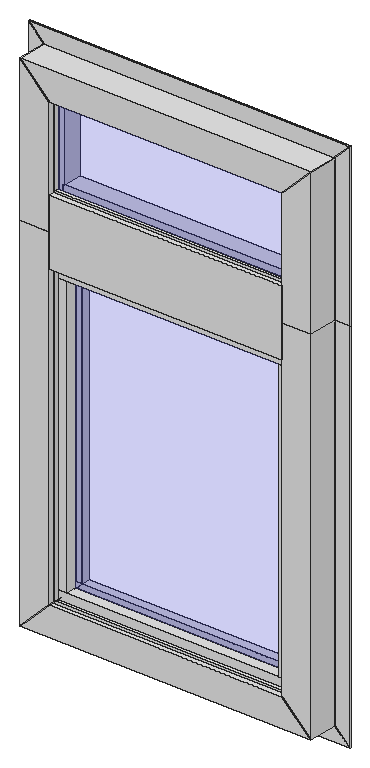
Revit family "511_CA_HR-U_nailfin", category Windows, host Wall, Revit 2016
Family settings
  Host = Wall
  OmniClass Number = 23.30.20.00
  OmniClass Title = Windows
  Always vertical = Yes
  Cut with Voids When Loaded = No
  Shared = No
  Room Calculation Point = No
Parameters (values of type "24x42")
  MLW3 = 1 / 8 * Width  # 3"
  MLW2 = 3.563"
  MLW1 = 3.188"
  MLH = 1 / 2 * Bar set  # 15"
  Interior Color [instance] = White
  Height = 42"
  Exterior Color [instance] = White
  Default Sill Height = 31.49606"
  Wall Closure = By host
  Width = 24"
  Bar set = 30"
Types (33): name | MLW3 | MLH | Interior Color | Height | Exterior Color | Width | Bar set
  (no name) | 3" | 15" | White | 42" | White | 24" | 30"
  24x48 | 3" | 15" | none | 48" | none | 24" | 30"
  36x72 | 4 1/2" | 27" | none | 72" | none | 36" | 54"
  13.5x31.75Min | 1 11/16" | 9 7/8" | none | 31 3/4" | none | 13 1/2" | 19 3/4"
  36x120Max | 4 1/2" | 30" | none | 120" | none | 36" | 60"
  24x36 | 3" | 12" | none | 36" | none | 24" | 24"
  24x42 | 3" | 15" | White | 42" | White | 24" | 30"
  24x54 | 3" | 18" | none | 54" | none | 24" | 36"
  24x60 | 3" | 21" | none | 60" | none | 24" | 42"
  24x66 | 3" | 24" | none | 66" | none | 24" | 48"
  30x36 | 3 3/4" | 12" | none | 36" | none | 30" | 24"
  30x42 | 3 3/4" | 15" | none | 42" | none | 30" | 30"
  30x48 | 3 3/4" | 15" | none | 48" | none | 30" | 30"
  30x54 | 3 3/4" | 18" | none | 54" | none | 30" | 36"
  30x60 | 3 3/4" | 21" | none | 60" | none | 30" | 42"
  30x66 | 3 3/4" | 24" | none | 66" | none | 30" | 48"
  30x72 | 3 3/4" | 27" | none | 72" | none | 30" | 54"
  30x78 | 3 3/4" | 30" | none | 78" | none | 30" | 60"
  30x84 | 3 3/4" | 33" | none | 84" | none | 30" | 66"
  30x90 | 3 3/4" | 36" | none | 90" | none | 30" | 72"
  30x96 | 3 3/4" | 36" | none | 96" | none | 30" | 72"
  30x102 | 3 3/4" | 36" | none | 102" | none | 30" | 72"
  36x48 | 4 1/2" | 18" | none | 48" | none | 36" | 36"
  36x54 | 4 1/2" | 21" | none | 54" | none | 36" | 42"
  36x60 | 4 1/2" | 24" | none | 60" | none | 36" | 48"
  36x66 | 4 1/2" | 24" | none | 66" | none | 36" | 48"
  36x78 | 4 1/2" | 30" | none | 78" | none | 36" | 60"
  36x84 | 4 1/2" | 30" | none | 84" | none | 36" | 60"
  36x90 | 4 1/2" | 30" | none | 90" | none | 36" | 60"
  36x96 | 4 1/2" | 30" | none | 96" | none | 36" | 60"
  36x102 | 4 1/2" | 30" | none | 102" | none | 36" | 60"
  36x108 | 4 1/2" | 30" | none | 108" | none | 36" | 60"
  36x114 | 4 1/2" | 30" | none | 114" | none | 36" | 60"
Reference planes (in)
  plane 1 "Center (Front/Back)": y = 0
  plane 2 "Center (Left/Right)": x = 0
  plane 3 "Left": x = -12
  plane 4 "Right": x = 12
  plane 5 "Sill": z = 31.49606
  plane 6 "Head": z = 73.49606
  plane 7 "Exterior": y = 3.93701
  plane 8 "Interior": y = -3.93701
  plane 9 "Front of wall": y = 3.93701
  plane 10 "Bar set": z = 61.49606
  plane 11: x = -9.938
  plane 12: x = 9.938
  plane 13: x = -9.2505
  plane 14: x = 9.2505
  plane 15: z = 34.24556
  plane 16: z = 58.37256
  plane 17: z = 63.93306
  plane 18: z = 71.43406
  plane 19: x = 8.8125
  plane 20: x = -8.8125
Forms (in)
  Extrusion 1, solid, material "White" <- "Interior Color"
    sketch origin (0, 0, 73.49606) x (0, -1, 0) y (1, 0, 0)
      loop
        line (-4.41495, -9.43465) -> (-4.41495, -11.3479) -> (-5.01201, -11.43181) -> (-5.01201, -12.2) -> (-4.94701, -12.2) -> (-4.94701, -12) -> (-4.01201, -12) -> (-4.01201, -13.25) -> (-3.93701, -13.25) -> (-3.93701, -12) -> (-1.51201, -12) -> (-1.51201, -9.625) -> (-1.88701, -9.625) -> (-1.88701, -9.437) -> (-2.13751, -9.437) -> (-2.13751, -9.938) -> (-2.88201, -9.938) -> (-2.88201, -9.43465) -> (-4.41495, -9.43465)
    from 1.25 to -12
  Extrusion 2, solid, material "White" <- "Interior Color"
    sketch origin (0, 0, 73.49606) x (0, -1, 0) y (1, 0, 0)
      loop
        line (-4.41495, 11.3479) -> (-4.41495, 9.43465) -> (-2.88201, 9.43465) -> (-2.88201, 9.938) -> (-2.13751, 9.938) -> (-2.13751, 9.438) -> (-1.88701, 9.438) -> (-1.88701, 9.625) -> (-1.51201, 9.625) -> (-1.51201, 12) -> (-3.93701, 12) -> (-3.93701, 13.25) -> (-4.01201, 13.25) -> (-4.01201, 12) -> (-4.94701, 12) -> (-4.94701, 12.2) -> (-5.01201, 12.2) -> (-5.01201, 11.43181) -> (-4.41495, 11.3479)
    from 1.25 to -12
  Extrusion 3, solid, material "White" <- "Interior Color"
    sketch origin (0, 0, 31.49606) x (0, -1, 0) y (1, 0, 0)
      loop
        line (-4.66201, -9.3755) -> (-4.66201, -11.38262) -> (-5.01201, -11.43181) -> (-5.01201, -12.2) -> (-4.94701, -12.2) -> (-4.94701, -12) -> (-4.01201, -12) -> (-4.01201, -13.25) -> (-3.93701, -13.25) -> (-3.93701, -12) -> (-1.51201, -12) -> (-1.51201, -9.625) -> (-1.88701, -9.625) -> (-1.88701, -9.437) -> (-2.21201, -9.437) -> (-2.21201, -8.7505) -> (-3.09951, -8.7505) -> (-3.09951, -9.2505) -> (-3.84401, -9.2505) -> (-3.84401, -8.7882) -> (-3.88201, -8.8125) -> (-4.62201, -8.8125) -> (-4.62201, -9.3755) -> (-4.66201, -9.3755)
    from -1.25 to 30
  Extrusion 4, solid, material "White" <- "Interior Color"
    sketch origin (0, 0, 31.49606) x (0, -1, 0) y (1, 0, 0)
      loop
        line (-4.66201, 11.38262) -> (-4.66201, 9.3755) -> (-4.62201, 9.3755) -> (-4.62201, 8.8125) -> (-3.88201, 8.8125) -> (-3.84401, 8.7882) -> (-3.84401, 9.2505) -> (-3.09951, 9.2505) -> (-3.09951, 8.7505) -> (-2.21201, 8.7505) -> (-2.21201, 9.437) -> (-1.88701, 9.437) -> (-1.88701, 9.625) -> (-1.51201, 9.625) -> (-1.51201, 12) -> (-3.93701, 12) -> (-3.93701, 13.25) -> (-4.01201, 13.25) -> (-4.01201, 12) -> (-4.94701, 12) -> (-4.94701, 12.2) -> (-5.01201, 12.2) -> (-5.01201, 11.43181) -> (-4.66201, 11.38262)
    from -1.25 to 30
  Extrusion 5, solid, material "White" <- "Interior Color"
    sketch origin (0, 0, 0) x (0, -1, 0) y (0, 0, 1)
      loop
        line (-1.51201, 33.87106) -> (-1.88701, 33.87106) -> (-1.88701, 34.05906) -> (-2.21201, 34.05906) -> (-2.21201, 34.74556) -> (-3.09951, 34.74556) -> (-3.09951, 34.24556) -> (-3.84401, 34.24556) -> (-3.84401, 34.70789) -> (-3.88197, 34.68366) -> (-4.62201, 34.68366) -> (-4.62201, 34.12056) -> (-4.66201, 34.12056) -> (-4.66201, 32.11344) -> (-5.01201, 32.06425) -> (-5.01201, 31.29606) -> (-4.94701, 31.29606) -> (-4.94701, 31.49606) -> (-4.01201, 31.49606) -> (-4.01201, 30.24606) -> (-3.93701, 30.24606) -> (-3.93701, 31.49606) -> (-1.51201, 31.49606) -> (-1.51201, 33.87106)
    from -13.25 to 13.25
  Extrusion 6, solid, material "White" <- "Interior Color"
    sketch origin (0, 0, 0) x (0, -1, 0) y (0, 0, 1)
      loop
        line (-1.51201, 73.49606) -> (-3.93701, 73.49606) -> (-3.93701, 74.74606) -> (-4.01201, 74.74606) -> (-4.01201, 73.49606) -> (-4.94701, 73.49606) -> (-4.94701, 73.69606) -> (-5.01201, 73.69606) -> (-5.01201, 72.92787) -> (-4.41499, 72.84397) -> (-4.41499, 70.92916) -> (-2.88201, 70.92916) -> (-2.88201, 71.43406) -> (-2.13751, 71.43406) -> (-2.13751, 70.93406) -> (-1.88701, 70.93306) -> (-1.88701, 71.12106) -> (-1.51201, 71.12106) -> (-1.51201, 73.49606)
    from -13.25 to 13.25
  Extrusion 7, solid, material "White" <- "Interior Color"
    sketch origin (0, 0, 0) x (0, -1, 0) y (0, 0, 1)
      loop
        line (-1.51201, 58.74606) -> (-1.51201, 64.24552) -> (-1.88701, 64.24552) -> (-1.88701, 64.43406) -> (-2.13751, 64.43406) -> (-2.13751, 63.93306) -> (-2.88201, 63.93306) -> (-2.88201, 64.43642) -> (-4.41495, 64.43642) -> (-4.41495, 62.52316) -> (-5.01201, 62.43925) -> (-5.01201, 60.55287) -> (-4.66201, 60.50368) -> (-4.66201, 58.49656) -> (-4.62201, 58.49656) -> (-4.62201, 57.93356) -> (-3.88201, 57.93356) -> (-3.84401, 57.90927) -> (-3.84401, 58.37256) -> (-3.09951, 58.37256) -> (-3.09951, 57.87156) -> (-2.21201, 57.87156) -> (-2.21201, 58.55806) -> (-1.88701, 58.55806) -> (-1.88701, 58.74606) -> (-1.51201, 58.74606)
    from -12 to 12
  Sweep 8, void
    path in 3D
      loop
        line (10.58359, 10.31257, 73.49606) -> (10.58359, 3.93701, 73.49606)
    profile origin (10.58359, 7.12479, 73.49606) x (1, 0, 0) y (0, 0, 1)
      loop
        line (2.8495, 1.43309) -> (-2.48569, 1.43309) -> (-2.48569, -2.56691) -> (0.76431, -2.56691) -> (0.76431, -0.65209) -> (2.8495, 1.43309)
  Sweep 9, void
    path in 3D
      loop
        line (10.58359, 10.31257, 73.49606) -> (10.58359, 3.93701, 73.49606)
    profile origin (10.58359, 7.12479, 73.49606) x (1, 0, 0) y (0, 0, 1)
      loop
        line (3.01431, 1.5979) -> (0.76431, -0.6521) -> (0.76431, -2.9021) -> (3.01431, -2.9021) -> (3.01431, 1.5979)
  Sweep 10, void
    path in 3D
      loop
        line (-11.3504, 9.9781, 73.49606) -> (-11.3504, 3.93701, 73.49606)
    profile origin (-11.3504, 6.95756, 73.49606) x (1, 0, 0) y (0, 0, 1)
      loop
        line (-2.22364, 1.57404) -> (0.00249, -0.65209) -> (0.00249, -2.56691) -> (2.901, -2.56691) -> (2.901, 1.57404) -> (-2.22364, 1.57404)
  Sweep 11, void
    path in 3D
      loop
        line (-11.3504, 9.9781, 73.49606) -> (-11.3504, 3.93701, 73.49606)
    profile origin (-11.3504, 6.95756, 73.49606) x (1, 0, 0) y (0, 0, 1)
      loop
        line (-2.2475, 1.5979) -> (-2.2475, -3.02629) -> (0.0025, -3.02629) -> (0.0025, -0.6521) -> (-2.2475, 1.5979)
  Sweep 12, void
    path in 3D
      loop
        line (-10.49435, 9.79467, 61.49606) -> (-10.49435, 3.93701, 61.49606)
    profile origin (-10.49435, 6.86584, 61.49606) x (1, 0, 0) y (0, 0, 1)
      loop
        line (2.3275, -3.5625) -> (2.3275, 2.94035) -> (-0.85355, 2.94035) -> (-0.85355, 1.0271) -> (-0.93747, 0.94319) -> (-0.93747, -0.94319) -> (1.11885, -2.9995) -> (1.11885, -3.5625) -> (2.3275, -3.5625)
  Sweep 13, void
    path in 3D
      loop
        line (-10.49435, 9.79467, 61.49606) -> (-10.49435, 3.93701, 61.49606)
    profile origin (-10.49435, 6.86584, 61.49606) x (1, 0, 0) y (0, 0, 1)
      loop
        line (1.11885, -4.69319) -> (1.11885, -2.9995) -> (-0.93747, -0.94319) -> (-0.93747, 5.55681) -> (-4.68747, 5.55681) -> (-4.68747, -4.69319) -> (1.11885, -4.69319)
  Sweep 14, void
    path in 3D
      loop
        line (11.08359, 10.31257, 61.49606) -> (11.08359, 3.93701, 61.49606)
    profile origin (11.08359, 7.12479, 61.49606) x (1, 0, 0) y (0, 0, 1)
      loop
        line (-2.98569, -3.5625) -> (-1.70809, -3.5625) -> (-1.70809, -2.9995) -> (0.34822, -0.94319) -> (0.34822, 0.94319) -> (0.26431, 1.0271) -> (0.26431, 2.94035) -> (-2.98569, 2.94035) -> (-2.98569, -3.5625)
  Sweep 15, void
    path in 3D
      loop
        line (11.08359, 10.31257, 61.49606) -> (11.08359, 3.93701, 61.49606)
    profile origin (11.08359, 7.12479, 61.49606) x (1, 0, 0) y (0, 0, 1)
      loop
        line (-1.70809, -4.19404) -> (3.09822, -4.19404) -> (3.09822, 3.44677) -> (0.34822, 3.44677) -> (0.34822, -0.94319) -> (-1.70809, -2.9995) -> (-1.70809, -4.19404)
  Sweep 16, void
    path in 3D
      loop
        line (11.58359, 10.31257, 31.49606) -> (11.58359, 3.93701, 31.49606)
    profile origin (11.58359, 7.12479, 31.49606) x (1, 0, 0) y (0, 0, 1)
      loop
        line (2.33636, -1.91995) -> (-2.20809, 2.6245) -> (-2.20809, 3.18759) -> (-4.5599, 3.18759) -> (-4.5599, -1.91995) -> (2.33636, -1.91995)
  Sweep 17, void
    path in 3D
      loop
        line (11.58359, 10.31257, 31.49606) -> (11.58359, 3.93701, 31.49606)
    profile origin (11.58359, 7.12479, 31.49606) x (1, 0, 0) y (0, 0, 1)
      loop
        line (2.79191, -2.3755) -> (2.79191, 5.6245) -> (-2.20809, 5.6245) -> (-2.20809, 2.6245) -> (2.79191, -2.3755)
  Sweep 18, void
    path in 3D
      loop
        line (-9.938, 9.79467, 31.49606) -> (-9.938, 3.93701, 31.49606)
    profile origin (-9.938, 6.86584, 31.49606) x (1, 0, 0) y (0, 0, 1)
      loop
        line (-4.4375, -2.3755) -> (3.0625, -2.3755) -> (3.0625, 3.18759) -> (0.5625, 3.18759) -> (0.5625, 2.6245) -> (-4.4375, -2.3755)
  Sweep 19, void
    path in 3D
      loop
        line (-9.938, 9.79467, 31.49606) -> (-9.938, 3.93701, 31.49606)
    profile origin (-9.938, 6.86584, 31.49606) x (1, 0, 0) y (0, 0, 1)
      loop
        line (-3.9375, -1.8755) -> (0.5625, 2.6245) -> (0.5625, 5.3745) -> (-3.9375, 5.3745) -> (-3.9375, -1.8755)
  Extrusion 20, void
    sketch origin (0, 3.93701, 0) x (1, 0, 0) y (0, 0, 1)
      loop
        line (-13.94657, 75.44263) -> (-9.625, 71.12106) -> (-9.625, 70.93406) -> (-8.96944, 70.93406) -> (-8.96944, 75.44263) -> (-13.94657, 75.44263)
    from 0 to 12
  Extrusion 21, void
    sketch origin (0, 3.93701, 0) x (1, 0, 0) y (0, 0, 1)
      loop
        line (-14.40314, 75.8992) -> (-14.40314, 69.42342) -> (-9.625, 69.42342) -> (-9.625, 71.12106) -> (-14.40314, 75.8992)
    from 0 to 12
  Extrusion 22, void
    sketch origin (0, 3.93701, 0) x (1, 0, 0) y (0, 0, 1)
      loop
        line (13.5, 74.99606) -> (8.93613, 74.99606) -> (8.93613, 70.93306) -> (9.625, 70.93306) -> (9.625, 71.12106) -> (13.5, 74.99606)
    from 0 to 12
  Extrusion 23, void
    sketch origin (0, 3.93701, 0) x (1, 0, 0) y (0, 0, 1)
      loop
        line (14.27963, 75.7757) -> (9.625, 71.12106) -> (9.625, 70.07544) -> (14.27963, 70.07544) -> (14.27963, 75.7757)
    from 0 to 12
  Extrusion 24, void
    sketch origin (0, 3.93701, 0) x (1, 0, 0) y (0, 0, 1)
      loop
        line (-7.937, 64.43642) -> (-9.625, 64.43642) -> (-9.625, 58.55806) -> (-9.437, 58.55806) -> (-9.437, 57.87156) -> (-7.937, 57.87156) -> (-7.937, 64.43642)
    from 0 to 12
  Extrusion 25, void
    sketch origin (0, 3.93701, 0) x (1, 0, 0) y (0, 0, 1)
      loop
        line (-9.625, 66.01082) -> (-14.625, 66.01082) -> (-14.625, 56.51082) -> (-9.625, 56.51082) -> (-9.625, 66.01082)
    from 0 to 12
  Extrusion 26, void
    sketch origin (0, 3.93701, 0) x (1, 0, 0) y (0, 0, 1)
      loop
        line (7.625, 64.43642) -> (7.625, 57.87156) -> (9.437, 57.87156) -> (9.437, 58.55806) -> (9.625, 58.55806) -> (9.625, 64.43642) -> (7.625, 64.43642)
    from 0 to 12
  Extrusion 27, void
    sketch origin (0, 3.93701, 0) x (1, 0, 0) y (0, 0, 1)
      loop
        line (9.625, 66.0605) -> (9.625, 57.0605) -> (14.375, 57.0605) -> (14.375, 66.0605) -> (9.625, 66.0605)
    from 0 to 12
  Extrusion 28, void
    sketch origin (0, 3.93701, 0) x (1, 0, 0) y (0, 0, 1)
      loop
        line (7.7505, 34.74556) -> (7.7505, 31.04264) -> (12.45343, 31.04264) -> (9.625, 33.87106) -> (9.625, 34.05906) -> (9.437, 34.05906) -> (9.437, 34.74556) -> (7.7505, 34.74556)
    from 0 to 12
  Extrusion 29, void
    sketch origin (0, 3.93701, 0) x (1, 0, 0) y (0, 0, 1)
      loop
        line (8.1255, 33.87106) -> (8.1255, 28.93034) -> (14.56572, 28.93034) -> (9.625, 33.87106) -> (8.1255, 33.87106)
    from 0 to 12
  Extrusion 30, void
    sketch origin (0, 3.93701, 0) x (1, 0, 0) y (0, 0, 1)
      loop
        line (-7.80698, 34.74556) -> (-9.437, 34.74556) -> (-9.437, 34.05906) -> (-9.625, 34.05906) -> (-9.625, 33.87106) -> (-15.27493, 28.22114) -> (-7.80698, 28.22114) -> (-7.80698, 34.74556)
    from 0 to 12
  Extrusion 31, void
    sketch origin (0, 3.93701, 0) x (1, 0, 0) y (0, 0, 1)
      loop
        line (-9.625, 35.38264) -> (-14.99166, 35.38264) -> (-14.99166, 28.50441) -> (-9.625, 33.87106) -> (-9.625, 35.38264)
    from 0 to 12
  Extrusion 32, solid, material "Glass"
    sketch origin (0, 0, 0) x (0, -1, 0) y (0, 0, 1)
      loop
        line (-2.88201, 63.93306) -> (-2.13751, 63.93306) -> (-2.13751, 71.43406) -> (-2.88201, 71.43406) -> (-2.88201, 63.93306)
    from -9.938 to 9.938
  Extrusion 33, solid, material "Glass"
    sketch origin (0, 0, 0) x (0, -1, 0) y (0, 0, 1)
      loop
        line (-3.84401, 58.37256) -> (-3.84401, 34.24556) -> (-3.09951, 34.24556) -> (-3.09951, 58.37256) -> (-3.84401, 58.37256)
    from -9.2505 to 9.2505
  Extrusion 34, void
    sketch origin (0, 3.93701, 0) x (1, 0, 0) y (0, 0, 1)
      loop
        line (13.97949, 29.51657) -> (13.97949, 35.93311) -> (9.437, 35.93311) -> (9.437, 34.05906) -> (9.625, 34.05906) -> (9.625, 33.87106) -> (13.97949, 29.51657)
    from 0 to 12
Cuts and joins
  Sweep 8, Sweep 14, Extrusion 22, Extrusion 26 cuts Extrusion 2
  Sweep 9, Sweep 11, Extrusion 21, Extrusion 23 cuts Extrusion 6
  Sweep 10, Sweep 12, Extrusion 20, Extrusion 24 cuts Extrusion 1
  Sweep 12, Sweep 18, Extrusion 24, Extrusion 30 cuts Extrusion 3
  Sweep 13, Sweep 15, Extrusion 25, Extrusion 27 cuts Extrusion 7
  Sweep 14, Sweep 16, Extrusion 26, Extrusion 28, Extrusion 29 cuts Extrusion 4
  Sweep 17, Sweep 19, Extrusion 31, Extrusion 34 cuts Extrusion 5
Lines and regions (in)
  Opening 1
    outline origin (137.79528, -3.93701, 0) x (1, 0, 0) y (0, 0, 1)
      loop
        line (-125.79528, 31.49606) -> (-125.79528, 73.49606) -> (-149.79528, 73.49606) -> (-149.79528, 31.49606) -> (-125.79528, 31.49606)
  reference lines
    curve 1: line (-11.3504, 9.9781, 73.49606) -> (-11.3504, 3.93701, 73.49606)
    curve 2: line (-10.49435, 9.79467, 61.49606) -> (-10.49435, 3.93701, 61.49606)
    curve 3: line (-9.938, 9.79467, 31.49606) -> (-9.938, 3.93701, 31.49606)
    curve 4: line (10.58359, 10.31257, 73.49606) -> (10.58359, 3.93701, 73.49606)
    curve 5: line (11.08359, 10.31257, 61.49606) -> (11.08359, 3.93701, 61.49606)
    curve 6: line (11.58359, 10.31257, 31.49606) -> (11.58359, 3.93701, 31.49606)
    curve 19: line (8.8125, 3.93701, 57.93306) -> (-8.8125, 3.93701, 46.49606)
    curve 20: line (-8.8125, 3.93701, 46.49606) -> (8.8125, 3.93701, 34.68406)
    curve 23: line (2.5, 3.93701, 69.99606) -> (-2.5, 3.93701, 69.99606)
    curve 24: line (2.5, 3.93701, 64.99606) -> (2.5, 3.93701, 69.99606)
    curve 25: line (-2.5, 3.93701, 64.99606) -> (2.5, 3.93701, 64.99606)
    curve 26: line (-2.5, 3.93701, 69.99606) -> (-2.5, 3.93701, 64.99606)
    curve 30: line (0, 3.93701, 64.99606) -> (0, 3.93701, 71.49606)
    curve 31: line (2.5, 3.93701, 67.49606) -> (-2.0966, 3.93701, 67.49606)
    curve 34: line (2.5, 0, 69.99606) -> (-2.5, 0, 69.99606)
    curve 35: line (2.5, 0, 64.99606) -> (2.5, 0, 69.99606)
    curve 36: line (-2.5, 0, 64.99606) -> (2.5, 0, 64.99606)
    curve 37: line (-2.5, 0, 69.99606) -> (-2.5, 0, 64.99606)
    curve 38: line (0, 0, 64.99606) -> (0, 0, 72.49606)
    curve 39: line (2.5, 0, 67.49606) -> (-4.5, 0, 67.49606)
  sketch lines
    curve 7: line (10.58359, 10.31257, 73.49606) -> (10.58359, 3.93701, 73.49606)
    curve 8: line (10.58359, 10.31257, 73.49606) -> (10.58359, 3.93701, 73.49606)
    curve 9: line (-11.3504, 9.9781, 73.49606) -> (-11.3504, 3.93701, 73.49606)
    curve 10: line (-11.3504, 9.9781, 73.49606) -> (-11.3504, 3.93701, 73.49606)
    curve 11: line (-10.49435, 9.79467, 61.49606) -> (-10.49435, 3.93701, 61.49606)
    curve 12: line (-10.49435, 9.79467, 61.49606) -> (-10.49435, 3.93701, 61.49606)
    curve 13: line (11.08359, 10.31257, 61.49606) -> (11.08359, 3.93701, 61.49606)
    curve 14: line (11.08359, 10.31257, 61.49606) -> (11.08359, 3.93701, 61.49606)
    curve 15: line (11.58359, 10.31257, 31.49606) -> (11.58359, 3.93701, 31.49606)
    curve 16: line (11.58359, 10.31257, 31.49606) -> (11.58359, 3.93701, 31.49606)
    curve 17: line (-9.938, 9.79467, 31.49606) -> (-9.938, 3.93701, 31.49606)
    curve 18: line (-9.938, 9.79467, 31.49606) -> (-9.938, 3.93701, 31.49606)
  model lines
    curve 21: line (8.8125, 3.93701, 34.68406) -> (-8.8125, 3.93701, 46.49606)
    curve 22: line (-8.8125, 3.93701, 46.49606) -> (8.8125, 3.93701, 57.93306)
    curve 27: line (2.5, 3.93701, 69.99606) -> (-2.5, 3.93701, 64.99606)
    curve 28: line (-2.5, 3.93701, 67.49606) -> (0, 3.93701, 69.99606)
    curve 29: line (0, 3.93701, 64.99606) -> (2.5, 3.93701, 67.49606)
  symbolic lines
    curve 32: line (8.8125, 3.93701, 57.93306) -> (-8.8125, 3.93701, 46.49606)
    curve 33: line (-8.8125, 3.93701, 46.49606) -> (8.7505, 3.93701, 34.72561)
    curve 40: line (0, 0, 64.99606) -> (2.5, 0, 67.49606)
    curve 41: line (0, 0, 69.99606) -> (-2.5, 0, 67.49606)
    curve 42: line (-2.5, 0, 64.99606) -> (2.5, 0, 69.99606)
Text (in)
  text "EXTERIOR" at (-77.29147, 52.45485, 0), in view "Ref. Level"
  text "INTERIOR" at (-78.01048, -32.21994, 0), in view "Ref. Level"
  text "Exterior" at (0, 36.36817, 115.8778), in view "Right"
  text "Exterior" at (0, 40.96394, 105.72475), in view "Left"
Dimensions and locks (in)
  equal spacing: plane 3 "Left", plane 2 "Center (Left/Right)", plane 4 "Right"
  "Width": plane 3 "Left" to plane 4 "Right"
  "Height": plane 5 "Sill" to plane 6 "Head"
  "Default Sill Height": plane 5 "Sill" to level
  locked: plane 7 "Exterior" to host wall at 0
  locked: plane 8 "Interior" to host wall
  "Bar set": plane 5 "Sill" to plane 10 "Bar set"
  locked: plane 12 to plane 4 "Right" at 2.062
  locked: plane 3 "Left" to plane 11 at 2.062
  locked: Extrusion 1 sketch curve to plane 3 "Left" at 1.25
  locked: Extrusion 1 sketch curve to plane 9 "Front of wall" at 2.425
  locked: Extrusion 1 sketch curve to Extrusion 1 sketch curve at 2.375
  locked: plane 4 "Right" to Extrusion 2 sketch curve at 1.25
  locked: Extrusion 2 sketch curve to plane 9 "Front of wall" at 2.425
  locked: Extrusion 2 sketch curve to Extrusion 2 sketch curve at 2.375
  locked: Extrusion 3 sketch curve to plane 3 "Left" at 1.25
  locked: Extrusion 3 sketch curve to plane 9 "Front of wall" at 2.425
  locked: Extrusion 3 sketch curve to Extrusion 3 sketch curve at 2.375
  locked: plane 4 "Right" to Extrusion 4 sketch curve at 1.25
  locked: Extrusion 4 sketch curve to plane 9 "Front of wall" at 2.425
  locked: Extrusion 4 sketch curve to Extrusion 4 sketch curve at 2.375
  locked: plane 14 to plane 4 "Right" at 2.7495
  locked: plane 3 "Left" to plane 13 at 2.7495
  locked: plane 9 "Front of wall" to Extrusion 5 sketch curve at 2.425
  locked: Extrusion 5 sketch curve to plane 5 "Sill" at 1.25
  locked: Extrusion 5 sketch curve to Extrusion 5 sketch curve at 2.375
  locked: plane 6 "Head" to Extrusion 6 sketch curve at 1.25
  locked: Extrusion 6 sketch curve to Extrusion 6 sketch curve at 2.375
  locked: plane 9 "Front of wall" to Extrusion 6 sketch curve at 2.425
  locked: Extrusion 7 sketch curve to plane 10 "Bar set" at 0.94319
  locked: plane 10 "Bar set" to Extrusion 7 sketch curve at 0.94319
  locked: Extrusion 7 sketch curve to plane 10 "Bar set" at 2.74945
  locked: plane 10 "Bar set" to Extrusion 7 sketch curve at 2.75
  locked: plane 9 "Front of wall" to Extrusion 7 sketch curve at 2.425
  locked: plane 18 to plane 6 "Head" at 2.062
  locked: plane 17 to plane 10 "Bar set" at 2.437
  locked: plane 10 "Bar set" to plane 16 at 3.1235
  locked: plane 5 "Sill" to plane 15 at 2.7495
  locked: plane 3 "Left" to plane 20 at 3.1875
  locked: plane 19 to plane 4 "Right" at 3.1875
  cut or joined group of Extrusion 7, Sweep 13, Sweep 15, Extrusion 25, Extrusion 27 to plane 10 "Bar set" = 3 9/16"
  plane 5 "Sill" to cut or joined group of Extrusion 5, Sweep 17, Sweep 19, Extrusion 31, Extrusion 34 = 3.18759"
  "MLH": curve 20 to plane 10 "Bar set"
  "MLH": plane 5 "Sill" to curve 19
  "MLW1": plane 5 "Sill" to curve 20
  "MLW2": curve 19 to plane 10 "Bar set"
  locked: plane 4 "Right" to Extrusion 34 sketch curve at 1.97949
  equal spacing: curve 28, curve 27, curve 29
  locked: curve 24 to curve 26 at 5
  locked: curve 25 to curve 23 at 5
  equal spacing: curve 26, curve 30, curve 24
  equal spacing: curve 25, curve 31, curve 23
  equal spacing: plane 10 "Bar set", curve 31, plane 6 "Head"
  equal spacing: plane 3 "Left", curve 30, plane 4 "Right"
  locked: curve 35 to curve 37 at 5
  locked: curve 36 to curve 34 at 5
  equal spacing: curve 37, curve 38, curve 35
  equal spacing: curve 36, curve 39, curve 34
  locked: curve 37 to curve 41 at 2.5
  locked: curve 37 to curve 40 at 2.5
  locked: curve 40 to curve 36 at 2.5
  locked: curve 41 to curve 36 at 2.5
  locked: curve 35 to curve 42 at 5
  equal spacing: plane 6 "Head", curve 39, plane 10 "Bar set"
  equal spacing: plane 3 "Left", curve 38, plane 4 "Right"
  aligned and locked: plane 9 "Front of wall" to host wall
  aligned and locked: Extrusion 1 sketch curve to plane 11
  aligned and locked: plane 9 "Front of wall" to Extrusion 1 sketch curve
  aligned and locked: plane 3 "Left" to Extrusion 1 sketch curve  (x2)
  aligned and locked: Extrusion 2 sketch curve to plane 4 "Right"  (x2)
  aligned and locked: plane 9 "Front of wall" to Extrusion 2 sketch curve
  aligned and locked: plane 12 to Extrusion 2 sketch curve
  aligned and locked: plane 9 "Front of wall" to Extrusion 3 sketch curve
  aligned and locked: plane 3 "Left" to Extrusion 3 sketch curve  (x2)
  aligned and locked: plane 9 "Front of wall" to Extrusion 4 sketch curve
  aligned and locked: Extrusion 4 sketch curve to plane 4 "Right"  (x2)
  aligned and locked: Extrusion 3 sketch curve to plane 13
  aligned and locked: plane 14 to Extrusion 4 sketch curve
  aligned and locked: Extrusion 5 sketch curve to plane 5 "Sill"  (x2)
  aligned and locked: Extrusion 5 sketch curve to plane 9 "Front of wall"
  aligned and locked: plane 6 "Head" to Extrusion 6 sketch curve  (x2)
  aligned and locked: Extrusion 6 sketch curve to plane 9 "Front of wall"
  aligned and locked: plane 15 to Extrusion 5 sketch curve
  aligned and locked: plane 16 to Extrusion 7 sketch curve
  aligned and locked: Extrusion 7 sketch curve to plane 17
  aligned and locked: Extrusion 6 sketch curve to plane 18
  aligned and locked: Extrusion 6 to Extrusion 2  (x2)
  aligned and locked: Extrusion 7 to plane 4 "Right"
  aligned and locked: plane 3 "Left" to Extrusion 7
  aligned and locked: Extrusion 1 to Extrusion 6  (x2)
  aligned and locked: Extrusion 1 to plane 10 "Bar set"
  aligned and locked: Extrusion 2 to plane 10 "Bar set"
  aligned and locked: plane 10 "Bar set" to Extrusion 4
  aligned and locked: plane 10 "Bar set" to Extrusion 3
  aligned and locked: Extrusion 5 to Extrusion 3  (x2)
  aligned and locked: Extrusion 4 to Extrusion 5  (x2)
  aligned and locked: plane 9 "Front of wall" to curve 4
  aligned and locked: plane 9 "Front of wall" to curve 5
  aligned and locked: plane 9 "Front of wall" to curve 6
  aligned and locked: plane 9 "Front of wall" to curve 3
  aligned and locked: plane 9 "Front of wall" to curve 2
  aligned and locked: plane 9 "Front of wall" to curve 1
  aligned and locked: plane 17 to Extrusion 32 sketch curve
  aligned and locked: plane 18 to Extrusion 32 sketch curve
  aligned and locked: plane 16 to Extrusion 33 sketch curve
  aligned and locked: Extrusion 33 sketch curve to plane 15
  aligned and locked: plane 13 to Extrusion 33
  aligned and locked: Extrusion 33 to plane 14
  aligned and locked: plane 11 to Extrusion 32
  aligned and locked: Extrusion 32 to plane 12
  aligned and locked: plane 20 to curve 20
  aligned and locked: plane 20 to curve 19
  aligned and locked: plane 19 to curve 20
  aligned and locked: plane 19 to curve 19
  aligned and locked: curve 22 to curve 19
  aligned and locked: curve 21 to curve 20
  aligned and locked: curve 23 to curve 26
  aligned and locked: curve 26 to curve 26
  aligned and locked: curve 24 to curve 24
  aligned and locked: curve 26 to curve 27
  aligned and locked: curve 27 to curve 23
  aligned and locked: curve 23 to curve 28
  aligned and locked: curve 26 to curve 28
  aligned and locked: curve 25 to curve 29
  aligned and locked: curve 24 to curve 29
  aligned and locked: curve 20 to curve 33
  aligned and locked: curve 19 to curve 32
  aligned and locked: curve 34 to curve 37
  aligned and locked: curve 37 to curve 37
  aligned and locked: curve 35 to curve 35
  aligned and locked: curve 37 to curve 41
  aligned and locked: curve 36 to curve 40
  aligned and locked: curve 35 to curve 40
  aligned and locked: curve 34 to curve 41
  aligned and locked: curve 35 to curve 42
  aligned and locked: curve 42 to curve 36
Automatic sketch dimensions
  Opening 1 sketch curve to plane 3 "Left" = 0"
  Opening 1 sketch curve to plane 4 "Right" = 0"
  Opening 1 sketch curve to plane 5 "Sill" = 0"
  Opening 1 sketch curve to plane 6 "Head" = 0"
  Extrusion 1 sketch curve to Extrusion 1 sketch curve = 0.075"
  host wall to Extrusion 1 sketch curve = 0.47794"
  plane 3 "Left" to Extrusion 1 sketch curve = 0.2"
  Extrusion 1 sketch curve to Extrusion 1 sketch curve = 0.935"
  Extrusion 1 sketch curve to Extrusion 1 sketch curve = 0.065"
  Extrusion 1 sketch curve to Extrusion 1 sketch curve = 0.7445"
  Extrusion 1 sketch curve to Extrusion 1 sketch curve = 0.2505"
  Extrusion 1 sketch curve to plane 3 "Left" = 0.56819"
  Extrusion 1 sketch curve to Extrusion 1 sketch curve = 0.08391"
  Extrusion 1 sketch curve to Extrusion 1 sketch curve = 0.188"
  host wall to Extrusion 2 sketch curve = 0.075"
  host wall to Extrusion 2 sketch curve = 0.47794"
  Extrusion 2 sketch curve to plane 4 "Right" = 0.2"
  Extrusion 2 sketch curve to Extrusion 2 sketch curve = 0.935"
  Extrusion 2 sketch curve to Extrusion 2 sketch curve = 0.065"
  plane 12 to Extrusion 2 sketch curve = 0.50335"
  Extrusion 2 sketch curve to Extrusion 2 sketch curve = 0.2505"
  Extrusion 2 sketch curve to Extrusion 2 sketch curve = 3/8"
  Extrusion 2 sketch curve to Extrusion 2 sketch curve = 0.187"
  plane 4 "Right" to Extrusion 2 sketch curve = 0.6521"
  plane 4 "Right" to Extrusion 2 sketch curve = 0.56819"
  host wall to Extrusion 3 sketch curve = 0.075"
  host wall to Extrusion 3 sketch curve = 0.68501"
  Extrusion 3 sketch curve to Extrusion 3 sketch curve = 0.03999"
  Extrusion 3 sketch curve to Extrusion 3 sketch curve = 0.285"
  Extrusion 3 sketch curve to Extrusion 3 sketch curve = 0.065"
  Extrusion 3 sketch curve to host wall = 0.055"
  Extrusion 3 sketch curve to Extrusion 3 sketch curve = 0.038"
  Extrusion 3 sketch curve to Extrusion 3 sketch curve = 0.7445"
  Extrusion 3 sketch curve to Extrusion 3 sketch curve = 0.8875"
  Extrusion 3 sketch curve to Extrusion 3 sketch curve = 0.325"
  Extrusion 3 sketch curve to Extrusion 3 sketch curve = 0.2"
  Extrusion 3 sketch curve to Extrusion 3 sketch curve = 0.56819"
  Extrusion 3 sketch curve to Extrusion 3 sketch curve = 0.04919"
  Extrusion 3 sketch curve to Extrusion 3 sketch curve = 0.188"
  Extrusion 3 sketch curve to Extrusion 3 sketch curve = 1/8"
  Extrusion 3 sketch curve to Extrusion 3 sketch curve = 0.0243"
  host wall to Extrusion 4 sketch curve = 0.075"
  host wall to Extrusion 4 sketch curve = 0.68501"
  Extrusion 4 sketch curve to Extrusion 4 sketch curve = 0.03999"
  Extrusion 4 sketch curve to Extrusion 4 sketch curve = 0.285"
  Extrusion 4 sketch curve to Extrusion 4 sketch curve = 0.065"
  Extrusion 4 sketch curve to host wall = 0.055"
  Extrusion 4 sketch curve to Extrusion 4 sketch curve = 0.038"
  Extrusion 4 sketch curve to Extrusion 4 sketch curve = 0.325"
  Extrusion 4 sketch curve to Extrusion 4 sketch curve = 3/8"
  Extrusion 4 sketch curve to Extrusion 4 sketch curve = 0.0243"
  Extrusion 4 sketch curve to Extrusion 4 sketch curve = 0.563"
  Extrusion 4 sketch curve to Extrusion 4 sketch curve = 0.188"
  Extrusion 4 sketch curve to Extrusion 4 sketch curve = 0.81738"
  Extrusion 4 sketch curve to Extrusion 4 sketch curve = 0.04919"
  Extrusion 4 sketch curve to Extrusion 4 sketch curve = 0.2"
  host wall to Extrusion 5 sketch curve = 0.075"
  host wall to Extrusion 5 sketch curve = 0.685"
  host wall to Extrusion 5 sketch curve = 0.725"
  Extrusion 5 sketch curve to Extrusion 5 sketch curve = 0.285"
  Extrusion 5 sketch curve to Extrusion 5 sketch curve = 0.065"
  Extrusion 5 sketch curve to host wall = 0.05503"
  Extrusion 5 sketch curve to Extrusion 5 sketch curve = 0.03797"
  Extrusion 5 sketch curve to Extrusion 5 sketch curve = 0.325"
  Extrusion 5 sketch curve to Extrusion 5 sketch curve = 3/8"
  Extrusion 5 sketch curve to Extrusion 5 sketch curve = 0.2"
  Extrusion 5 sketch curve to Extrusion 5 sketch curve = 0.56819"
  Extrusion 5 sketch curve to Extrusion 5 sketch curve = 0.04919"
  Extrusion 5 sketch curve to Extrusion 5 sketch curve = 0.188"
  Extrusion 5 sketch curve to Extrusion 5 sketch curve = 0.43809"
  Extrusion 5 sketch curve to Extrusion 5 sketch curve = 0.02423"
  Extrusion 5 sketch curve to Extrusion 5 sketch curve = 1/2"
  host wall to Extrusion 6 sketch curve = 0.47798"
  host wall to Extrusion 6 sketch curve = 0.075"
  Extrusion 6 sketch curve to plane 6 "Head" = 0.2"
  Extrusion 6 sketch curve to Extrusion 6 sketch curve = 0.935"
  Extrusion 6 sketch curve to Extrusion 6 sketch curve = 0.065"
  Extrusion 6 sketch curve to Extrusion 6 sketch curve = 0.7445"
  Extrusion 6 sketch curve to Extrusion 6 sketch curve = 0.2505"
  Extrusion 6 sketch curve to Extrusion 6 sketch curve = 3/8"
  Extrusion 6 sketch curve to Extrusion 6 sketch curve = 1/256"
  Extrusion 6 sketch curve to Extrusion 6 sketch curve = 0.001"
  Extrusion 6 sketch curve to Extrusion 6 sketch curve = 0.188"
  Extrusion 6 sketch curve to Extrusion 6 sketch curve = 0.85209"
  Extrusion 6 sketch curve to Extrusion 6 sketch curve = 0.08391"
  host wall to Extrusion 7 sketch curve = 1.075"
  Extrusion 7 sketch curve to Extrusion 7 sketch curve = 0.35"
  Extrusion 7 sketch curve to Extrusion 7 sketch curve = 0.03999"
  host wall to Extrusion 7 sketch curve = 0.47794"
  Extrusion 7 sketch curve to host wall = 0.055"
  Extrusion 7 sketch curve to host wall = 0.093"
  Extrusion 7 sketch curve to Extrusion 7 sketch curve = 0.7445"  (x2)
  Extrusion 7 sketch curve to host wall = 1.055"
  Extrusion 7 sketch curve to Extrusion 7 sketch curve = 0.2505"
  Extrusion 7 sketch curve to Extrusion 7 sketch curve = 0.325"
  Extrusion 7 sketch curve to Extrusion 7 sketch curve = 3/8"
  Extrusion 7 sketch curve to Extrusion 7 sketch curve = 0.0243"
  Extrusion 7 sketch curve to Extrusion 7 sketch curve = 0.439"
  Extrusion 7 sketch curve to Extrusion 7 sketch curve = 0.563"
  Extrusion 7 sketch curve to Extrusion 7 sketch curve = 0.188"
  Extrusion 7 sketch curve to Extrusion 7 sketch curve = 0.04919"
  Extrusion 7 sketch curve to Extrusion 7 sketch curve = 0.08391"
  curve 3 to plane 11 = 0"
  plane 4 "Right" to curve 6 = 0.41641"
  curve 1 to plane 3 "Left" = 0.6496"
  host wall to curve 1 = 6.0411"
  curve 4 to plane 12 = 0.64559"
  host wall to curve 4 = 6.37556"
  host wall to curve 3 = 5.85766"
  host wall to curve 6 = 6.37556"
  plane 11 to curve 2 = 0.55635"
  plane 4 "Right" to curve 5 = 0.91641"
  host wall to curve 2 = 5.85766"
  host wall to curve 5 = 6.37556"
  profile plane to Sweep 8 sketch curve = 2.48569"
  Sweep 8 sketch curve to profile plane = 0.76431"
  Sweep 8 sketch curve to profile plane = 2.56691"
  Sweep 8 sketch curve to profile plane = 0.65209"
  Sweep 8 sketch curve to profile plane = 2.8495"
  profile plane to Sweep 8 sketch curve = 1.43309"
  Sweep 9 sketch curve to profile plane = 0.76431"
  Sweep 9 sketch curve to profile plane = 2.9021"
  Sweep 9 sketch curve to profile plane = 0.6521"
  Sweep 9 sketch curve to Sweep 9 sketch curve = 2 1/4"
  profile plane to Sweep 9 sketch curve = 1.5979"
  Sweep 10 sketch curve to profile plane = 0.00249"
  Sweep 10 sketch curve to Sweep 10 sketch curve = 2.8985"
  Sweep 10 sketch curve to profile plane = 2.56691"
  Sweep 10 sketch curve to profile plane = 0.65209"
  profile plane to Sweep 10 sketch curve = 2.22364"
  profile plane to Sweep 10 sketch curve = 1.57404"
  Sweep 11 sketch curve to profile plane = 0.0025"
  Sweep 11 sketch curve to profile plane = 3.02629"
  Sweep 11 sketch curve to profile plane = 0.6521"
  profile plane to Sweep 11 sketch curve = 2.2475"
  profile plane to Sweep 11 sketch curve = 1.5979"
  profile plane to Sweep 12 sketch curve = 0.93747"
  profile plane to Sweep 12 sketch curve = 0.85355"
  Sweep 12 sketch curve to profile plane = 1.11885"
  Sweep 12 sketch curve to profile plane = 3 9/16"
  Sweep 12 sketch curve to Sweep 12 sketch curve = 0.563"
  Sweep 12 sketch curve to profile plane = 0.94319"
  profile plane to Sweep 12 sketch curve = 0.94319"
  Sweep 12 sketch curve to Sweep 12 sketch curve = 0.08391"
  Sweep 12 sketch curve to Sweep 12 sketch curve = 1.91325"
  Sweep 12 sketch curve to Sweep 12 sketch curve = 1.20865"
  profile plane to Sweep 13 sketch curve = 4.68747"
  profile plane to Sweep 13 sketch curve = 0.93747"
  Sweep 13 sketch curve to profile plane = 2.9995"
  Sweep 13 sketch curve to profile plane = 0.94319"
  profile plane to Sweep 13 sketch curve = 5.55681"
  Sweep 13 sketch curve to profile plane = 1.11885"
  Sweep 13 sketch curve to Sweep 13 sketch curve = 1.69369"
  profile plane to Sweep 14 sketch curve = 1.70809"
  Sweep 14 sketch curve to profile plane = 0.26431"
  Sweep 14 sketch curve to profile plane = 0.34822"
  Sweep 14 sketch curve to profile plane = 3 9/16"
  Sweep 14 sketch curve to profile plane = 0.94319"
  profile plane to Sweep 14 sketch curve = 0.94319"
  Sweep 14 sketch curve to Sweep 14 sketch curve = 0.08391"
  Sweep 14 sketch curve to Sweep 14 sketch curve = 1.91325"
  Sweep 14 sketch curve to Sweep 14 sketch curve = 1.2776"
  Sweep 14 sketch curve to Sweep 14 sketch curve = 0.563"
  profile plane to Sweep 15 sketch curve = 1.70809"
  Sweep 15 sketch curve to profile plane = 0.34822"
  Sweep 15 sketch curve to Sweep 15 sketch curve = 2 3/4"
  Sweep 15 sketch curve to profile plane = 2.9995"
  Sweep 15 sketch curve to profile plane = 0.94319"
  profile plane to Sweep 15 sketch curve = 3.44677"
  Sweep 15 sketch curve to Sweep 15 sketch curve = 1.19454"
  profile plane to Sweep 16 sketch curve = 4.5599"
  profile plane to Sweep 16 sketch curve = 2.20809"
  profile plane to Sweep 16 sketch curve = 2.6245"
  Sweep 16 sketch curve to Sweep 16 sketch curve = 0.56309"
  Sweep 16 sketch curve to profile plane = 2.33636"
  Sweep 16 sketch curve to profile plane = 1.91995"
  profile plane to Sweep 17 sketch curve = 2.20809"
  profile plane to Sweep 17 sketch curve = 2.6245"
  Sweep 17 sketch curve to Sweep 17 sketch curve = 3"
  Sweep 17 sketch curve to profile plane = 2.79191"
  Sweep 17 sketch curve to profile plane = 2.3755"
  Sweep 18 sketch curve to profile plane = 9/16"
  Sweep 18 sketch curve to Sweep 18 sketch curve = 2 1/2"
  profile plane to Sweep 18 sketch curve = 2.6245"
  Sweep 18 sketch curve to Sweep 18 sketch curve = 0.56309"
  profile plane to Sweep 18 sketch curve = 4 7/16"
  Sweep 18 sketch curve to profile plane = 2.3755"
  Sweep 19 sketch curve to profile plane = 9/16"
  profile plane to Sweep 19 sketch curve = 2.6245"
  Sweep 19 sketch curve to Sweep 19 sketch curve = 2 3/4"
  profile plane to Sweep 19 sketch curve = 3 15/16"
  Sweep 19 sketch curve to profile plane = 1.8755"
  plane 3 "Left" to Extrusion 20 sketch curve = 1.94657"
  Extrusion 20 sketch curve to plane 11 = 0.313"
  Extrusion 20 sketch curve to plane 13 = 0.28106"
  plane 18 to Extrusion 20 sketch curve = 0.313"
  plane 18 to Extrusion 20 sketch curve = 1/2"
  Extrusion 20 sketch curve to plane 6 "Head" = 1.94657"
  plane 3 "Left" to Extrusion 21 sketch curve = 2.40314"
  Extrusion 21 sketch curve to plane 6 "Head" = 2.40314"
  Extrusion 21 sketch curve to plane 11 = 0.313"
  plane 18 to Extrusion 21 sketch curve = 0.313"
  Extrusion 21 sketch curve to Extrusion 21 sketch curve = 1.69764"
  Extrusion 22 sketch curve to plane 4 "Right" = 1 1/2"
  plane 12 to Extrusion 22 sketch curve = 0.313"
  plane 14 to Extrusion 22 sketch curve = 0.31437"
  plane 18 to Extrusion 22 sketch curve = 0.313"
  plane 18 to Extrusion 22 sketch curve = 0.501"
  Extrusion 22 sketch curve to plane 6 "Head" = 1 1/2"
  Extrusion 23 sketch curve to plane 4 "Right" = 2.27963"
  Extrusion 23 sketch curve to plane 6 "Head" = 2.27963"
  plane 12 to Extrusion 23 sketch curve = 0.313"
  plane 18 to Extrusion 23 sketch curve = 0.313"
  Extrusion 23 sketch curve to Extrusion 23 sketch curve = 1.04562"
  Extrusion 24 sketch curve to plane 11 = 0.313"
  plane 13 to Extrusion 24 sketch curve = 0.1865"
  Extrusion 24 sketch curve to plane 16 = 0.1855"
  Extrusion 24 sketch curve to plane 17 = 0.50335"
  Extrusion 24 sketch curve to plane 13 = 1.3135"
  plane 16 to Extrusion 24 sketch curve = 0.501"
  plane 3 "Left" to Extrusion 25 sketch curve = 2 5/8"
  Extrusion 25 sketch curve to plane 11 = 0.313"
  plane 16 to Extrusion 25 sketch curve = 1.86174"
  Extrusion 25 sketch curve to plane 17 = 2.07776"
  Extrusion 26 sketch curve to plane 14 = 0.1865"
  plane 12 to Extrusion 26 sketch curve = 0.313"
  plane 16 to Extrusion 26 sketch curve = 0.501"
  Extrusion 26 sketch curve to plane 16 = 0.1855"
  Extrusion 26 sketch curve to plane 17 = 0.50335"
  plane 14 to Extrusion 26 sketch curve = 1.6255"
  plane 12 to Extrusion 27 sketch curve = 0.313"
  Extrusion 27 sketch curve to plane 4 "Right" = 2 3/8"
  plane 16 to Extrusion 27 sketch curve = 1.31206"
  Extrusion 27 sketch curve to plane 17 = 2.12744"
  Extrusion 28 sketch curve to plane 14 = 0.1865"
  Extrusion 28 sketch curve to Extrusion 28 sketch curve = 0.188"
  Extrusion 28 sketch curve to plane 4 "Right" = 0.45343"
  plane 5 "Sill" to Extrusion 28 sketch curve = 0.45343"
  plane 15 to Extrusion 28 sketch curve = 0.3745"
  plane 15 to Extrusion 28 sketch curve = 0.1865"
  plane 14 to Extrusion 28 sketch curve = 1 1/2"
  Extrusion 28 sketch curve to plane 15 = 1/2"
  plane 12 to Extrusion 29 sketch curve = 0.313"
  Extrusion 29 sketch curve to plane 4 "Right" = 2.56572"
  plane 5 "Sill" to Extrusion 29 sketch curve = 2.56572"
  plane 15 to Extrusion 29 sketch curve = 0.3745"
  plane 14 to Extrusion 29 sketch curve = 1 1/8"
  plane 3 "Left" to Extrusion 30 sketch curve = 3.27493"
  Extrusion 30 sketch curve to plane 11 = 0.313"
  plane 13 to Extrusion 30 sketch curve = 0.1865"
  plane 5 "Sill" to Extrusion 30 sketch curve = 3.27493"
  plane 15 to Extrusion 30 sketch curve = 0.3745"
  plane 15 to Extrusion 30 sketch curve = 0.1865"
  Extrusion 30 sketch curve to plane 13 = 1.44352"
  Extrusion 30 sketch curve to plane 15 = 1/2"
  plane 3 "Left" to Extrusion 31 sketch curve = 2.99166"
  Extrusion 31 sketch curve to plane 11 = 0.313"
  plane 5 "Sill" to Extrusion 31 sketch curve = 2.99166"
  plane 15 to Extrusion 31 sketch curve = 0.3745"
  Extrusion 31 sketch curve to plane 15 = 1.13707"
  Extrusion 33 sketch curve to host wall = 0.093"
  plane 19 to curve 22 = 0"
  plane 19 to curve 21 = 0"
  plane 5 "Sill" to Extrusion 34 sketch curve = 1.97949"
  plane 15 to Extrusion 34 sketch curve = 0.3745"
  plane 15 to Extrusion 34 sketch curve = 0.1865"
  Extrusion 34 sketch curve to plane 15 = 1.68754"
  curve 27 to curve 29 = 2 1/2"
  curve 28 to curve 29 = 2 1/2"
  curve 28 to curve 27 = 2 1/2"
  curve 29 to curve 27 = 2 1/2"
  curve 23 to curve 30 = 1 1/2"
  plane 2 "Center (Left/Right)" to curve 31 = 2.0966"
  curve 32 to plane 19 = 0"
  plane 19 to curve 33 = 0.062"
  curve 34 to curve 38 = 2 1/2"
  curve 42 to curve 41 = 0"
  curve 39 to curve 34 = 2"
  Extrusion 7 sketch curve to Extrusion 7 sketch curve = 0.18855"
  Extrusion 7 sketch curve to plane 17 = 0.50335"
  plane 16 to Extrusion 7 sketch curve = 0.501"
  Extrusion 5 sketch curve to Extrusion 5 sketch curve = 0.7445"
  plane 15 to Extrusion 5 sketch curve = 1/8"
  Extrusion 33 sketch curve to Extrusion 33 sketch curve = 0.7445"
  Extrusion 32 sketch curve to host wall = 1.055"
  Extrusion 32 sketch curve to Extrusion 32 sketch curve = 0.7445"
  Extrusion 3 sketch curve to plane 20 = 0.062"
  Extrusion 3 sketch curve to plane 20 = 0"
  plane 12 to Extrusion 34 sketch curve = 0.313"
  Extrusion 34 sketch curve to plane 14 = 0.1865"
  plane 19 to Extrusion 4 sketch curve = 0.062"
  Extrusion 4 sketch curve to Extrusion 4 sketch curve = 0.7445"
  Extrusion 4 sketch curve to plane 19 = 0"
  plane 13 to Extrusion 1 sketch curve = 0.18415"
  Extrusion 1 sketch curve to Extrusion 1 sketch curve = 0.6255"
  Extrusion 2 sketch curve to Extrusion 2 sketch curve = 0.7445"
